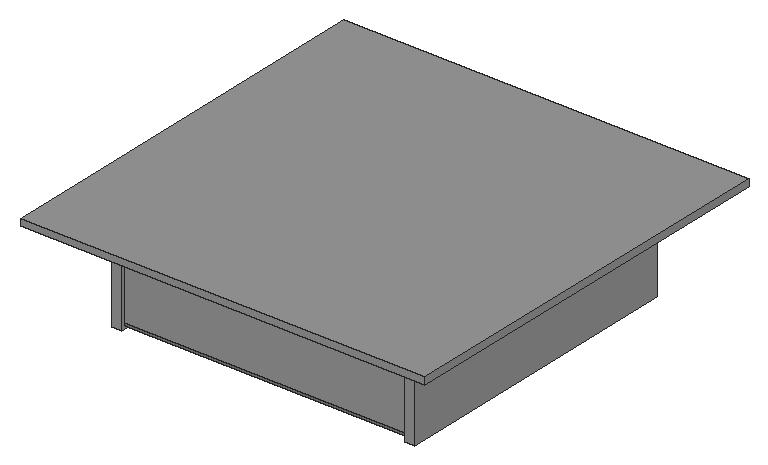
Revit family "Berica 2.0 M", category Lighting Fixtures, Revit 2020 (continued)
Definition of nested family "Light Source Berica 2.0"
  Types (4, lengths in mm): name | Photometric Web File | built-in parameter 1150142
      \r\n135.32 130.24 125.79 120.81 116.02 111.25 106.03 101.46 \r\n96.57 91.68 87.08 82.27 77.94 73.48 68.95 65.15 61.24 \r\n57.26 53.49 49.96 46.61 43.40 40.13 37.45 34.48 31.83 \r\n29.31 26.86 24.62 22.36 20.21 18.13 16.31 14.34 12.78 \r\n11.08 9.60 8.12 7.01 6.00 5.14 4.38 3.62 2.90 2.24 1.60 \r\n1.01 0.53 0.25 0.10 0.07 0.10 0.25 0.53 1.01 1.60 2.24 \r\n2.90 3.62 4.38 5.14 6.00 7.01 8.12 9.60 11.08 12.78 14.34 \r\n16.31 18.13 20.21 22.36 24.62 26.86 29.31 31.83 34.48 \r\n37.45 40.13 43.40 46.61 49.96 53.49 57.26 61.24 65.15 \r\n68.95 73.48 77.94 82.27 87.08 91.68 96.57 101.46 106.03 \r\n111.25 116.02 120.81 125.79 130.24 135.32 139.52 143.80 \r\n148.37 152.33 156.65 160.45 164.47 167.91 171.52 174.96 \r\n178.22 181.37 184.34 187.23 190.12 192.81 195.32 197.82 \r\n199.93 202.27 204.39 206.33 208.29 210.01 211.70 213.25 \r\n214.77 216.03 217.26 218.50 219.54 220.47 221.30 221.91 \r\n222.60 223.12 223.64 224.03 224.29 224.51 \r\n224.51 224.25 223.87 223.34 222.66 222.12 221.30 220.35 \r\n219.27 218.00 216.77 215.37 214.02 212.60 210.64 208.95 \r\n207.01 204.82 202.50 200.07 197.44 194.94 192.09 189.09 \r\n186.22 182.82 179.85 176.18 172.69 168.88 165.41 161.30 \r\n157.62 153.21 149.28 144.86 140.35 136.09 131.35 126.57 \r\n122.00 117.17 112.15 107.35 102.34 97.70 92.67 88.42 \r\n84.22 79.58 75.44 71.18 67.32 63.28 59.47 55.72 52.45 \r\n49.18 45.71 42.74 39.74 36.82 33.63 30.72 27.56 24.72 \r\n22.38 20.12 17.70 15.22 12.71 10.62 8.64 7.14 6.01 5.04 \r\n4.36 3.76 3.17 2.69 2.25 1.84 1.48 1.12 0.78 0.48 0.24 \r\n0.10 0.05 0.04 0.04 0.04 0.05 0.10 0.24 0.48 0.78 1.12 \r\n1.48 1.84 2.25 2.69 3.17 3.76 4.36 5.04 6.01 7.14 8.64 \r\n10.62 12.71 15.22 17.70 20.12 22.38 24.72 27.56 30.72 \r\n33.63 36.82 39.74 42.74 45.71 49.18 52.45 55.72 59.47 \r\n63.28 67.32 71.18 75.44 79.58 84.22 88.42 92.67 97.70 \r\n102.34 107.35 112.15 117.17 122.00 126.57 131.35 136.09 \r\n140.35 144.86 149.28 153.21 157.62 161.30 165.41 168.88 \r\n172.69 176.18 179.85 182.82 186.22 189.09 192.09 194.94 \r\n197.44 200.07 202.50 204.82 207.01 208.95 210.64 212.60 \r\n214.02 215.37 216.77 218.00 219.27 220.35 221.30 222.12 \r\n222.66 223.34 223.87 224.25 224.51 \r\n224.51 224.08 223.48 222.86 222.13 221.23 220.23 219.10 \r\n217.81 216.41 214.98 213.36 211.57 209.68 207.21 205.07 \r\n202.62 200.27 197.28 194.35 191.22 188.09 184.95 181.65 \r\n178.05 174.46 170.57 166.50 162.64 158.34 154.15 149.77 \r\n145.31 140.69 135.75 131.29 126.63 121.55 116.81 111.94 \r\n107.17 102.48 97.61 92.75 88.28 83.91 79.55 75.48 71.39 \r\n67.73 63.74 60.29 56.71 53.30 49.87 46.25 42.49 38.52 \r\n34.67 31.83 29.21 26.38 23.22 20.12 17.11 14.22 11.83 \r\n9.45 7.76 6.37 4.98 4.10 3.54 3.06 2.56 2.10 1.72 1.47 \r\n1.25 1.06 0.85 0.68 0.50 0.36 0.23 0.13 0.07 0.04 0.03 \r\n0.03 0.03 0.03 0.03 0.04 0.07 0.13 0.23 0.36 0.50 0.68 \r\n0.85 1.06 1.25 1.47 1.72 2.10 2.56 3.06 3.54 4.10 4.98 \r\n6.37 7.76 9.45 11.83 14.22 17.11 20.12 23.22 26.38 29.21 \r\n31.83 34.67 38.52 42.49 46.25 49.87 53.30 56.71 60.29 \r\n63.74 67.73 71.39 75.48 79.55 83.91 88.28 92.75 97.61 \r\n102.48 107.17 111.94 116.81 121.55 126.63 131.29 135.75 \r\n140.69 145.31 149.77 154.15 158.34 162.64 166.50 170.57 \r\n174.46 178.05 181.65 184.95 188.09 191.22 194.35 197.28 \r\n200.27 202.62 205.07 207.21 209.68 211.57 213.36 214.98 \r\n216.41 217.81 219.10 220.23 221.23 222.13 222.86 223.48 \r\n224.08 224.51 \r\n224.51 224.02 223.28 222.51 221.63 220.52 219.28 217.94 \r\n216.41 214.78 212.92 210.96 208.62 206.44 203.59 200.79 \r\n197.92 194.83 191.34 188.26 184.71 181.18 177.34 173.29 \r\n169.62 164.84 160.89 155.99 151.39 146.33 141.88 137.09 \r\n132.15 126.97 121.91 116.98 111.80 106.88 102.37 97.34 \r\n92.96 88.32 83.83 79.75 75.43 71.37 67.54 63.70 60.15 \r\n55.89 51.50 47.05 42.68 39.42 36.43 33.59 30.41 26.62 \r\n23.01 19.63 16.36 13.79 11.22 8.81 7.33 5.88 4.30 3.39 \r\n2.95 2.55 2.10 1.68 1.24 0.88 0.76 0.66 0.58 0.49 0.41 \r\n0.33 0.27 0.21 0.15 0.10 0.07 0.04 0.03 0.03 0.02 0.02 \r\n0.02 0.02 0.02 0.03 0.03 0.04 0.07 0.10 0.15 0.21 0.27 \r\n0.33 0.41 0.49 0.58 0.66 0.76 0.88 1.24 1.68 2.10 2.55 \r\n2.95 3.39 4.30 5.88 7.33 8.81 11.22 13.79 16.36 19.63 \r\n23.01 26.62 30.41 33.59 36.43 39.42 42.68 47.05 51.50 \r\n55.89 60.15 63.70 67.54 71.37 75.43 79.75 83.83 88.32 \r\n92.96 97.34 102.37 106.88 111.80 116.98 121.91 126.97 \r\n132.15 137.09 141.88 146.33 151.39 155.99 160.89 164.84 \r\n169.62 173.29 177.34 181.18 184.71 188.26 191.34 194.83 \r\n197.92 200.79 203.59 206.44 208.62 210.96 212.92 214.78 \r\n216.41 217.94 219.28 220.52 221.63 222.51 223.28 224.02 \r\n224.51 \r\n224.51 223.89 223.05 222.05 220.93 219.68 218.18 216.66 \r\n214.74 212.95 210.50 208.11 205.32 202.61 199.31 196.10 \r\n192.71 189.16 185.50 181.57 177.67 173.21 169.17 164.58 \r\n160.07 154.75 149.97 144.81 139.65 134.46 129.25 124.09 \r\n118.71 113.76 108.22 103.39 98.07 93.55 88.58 84.45 80.04 \r\n75.84 71.80 67.56 63.09 57.89 52.65 48.05 44.49 41.30 \r\n38.49 35.01 30.88 26.83 23.45 20.11 17.14 14.64 11.93 \r\n9.35 7.93 6.36 4.60 3.31 2.85 2.49 2.10 1.72 1.32 0.88 \r\n0.47 0.34 0.30 0.27 0.24 0.21 0.18 0.16 0.13 0.11 0.09 \r\n0.06 0.05 0.03 0.02 0.02 0.02 0.02 0.02 0.02 0.02 0.02 \r\n0.02 0.02 0.02 0.02 0.02 0.03 0.05 0.06 0.09 0.11 0.13 \r\n0.16 0.18 0.21 0.24 0.27 0.30 0.34 0.47 0.88 1.32 1.72 \r\n2.10 2.49 2.85 3.31 4.60 6.36 7.93 9.35 11.93 14.64 17.14 \r\n20.11 23.45 26.83 30.88 35.01 38.49 41.30 44.49 48.05 \r\n52.65 57.89 63.09 67.56 71.80 75.84 80.04 84.45 88.58 \r\n93.55 98.07 103.39 108.22 113.76 118.71 124.09 129.25 \r\n134.46 139.65 144.81 149.97 154.75 160.07 164.58 169.17 \r\n173.21 177.67 181.57 185.50 189.16 192.71 196.10 199.31 \r\n202.61 205.32 208.11 210.50 212.95 214.74 216.66 218.18 \r\n219.68 220.93 222.05 223.05 223.89 224.51 \r\n224.51 223.86 222.87 221.70 220.22 218.88 217.19 215.46 \r\n213.25 210.81 208.08 205.19 201.94 198.78 195.02 191.55 \r\n187.58 183.58 179.21 174.95 170.10 165.48 160.52 155.27 \r\n150.00 144.47 139.16 133.56 128.02 122.63 116.75 111.61 \r\n106.15 100.78 95.63 90.67 85.98 81.44 76.94 72.71 67.39 \r\n61.95 56.01 51.03 47.33 43.71 40.90 37.28 32.61 28.34 \r\n24.81 21.53 18.50 15.92 13.61 10.95 9.06 7.74 6.16 4.29 \r\n3.22 2.85 2.50 2.13 1.74 1.34 0.92 0.43 0.17 0.15 0.13 \r\n0.12 0.11 0.10 0.09 0.07 0.06 0.05 0.04 0.03 0.03 0.02 \r\n0.02 0.02 0.02 0.02 0.02 0.02 0.02 0.02 0.02 0.02 0.02 \r\n0.02 0.02 0.02 0.02 0.02 0.02 0.02 0.03 0.03 0.04 0.05 \r\n0.06 0.07 0.09 0.10 0.11 0.12 0.13 0.15 0.17 0.43 0.92 \r\n1.34 1.74 2.13 2.50 2.85 3.22 4.29 6.16 7.74 9.06 10.95 \r\n13.61 15.92 18.50 21.53 24.81 28.34 32.61 37.28 40.90 \r\n43.71 47.33 51.03 56.01 61.95 67.39 72.71 76.94 81.44 \r\n85.98 90.67 95.63 100.78 106.15 111.61 116.75 122.63 \r\n128.02 133.56 139.16 144.47 150.00 155.27 160.52 165.48 \r\n170.10 174.95 179.21 183.58 187.58 191.55 195.02 198.78 \r\n201.94 205.19 208.08 210.81 213.25 215.46 217.19 218.88 \r\n220.22 221.70 222.87 223.86 224.51 \r\n224.51 223.68 222.66 221.30 219.72 218.03 216.36 214.19 \r\n211.56 208.83 205.53 202.31 198.76 195.17 190.82 186.82 \r\n182.18 177.84 173.12 167.78 162.72 157.37 152.02 146.01 \r\n140.45 134.67 128.64 122.58 116.78 111.16 105.71 100.18 \r\n94.94 89.66 84.60 79.65 75.20 69.75 63.35 57.01 51.59 \r\n47.98 44.25 41.31 36.89 31.65 27.66 24.01 20.99 17.99 \r\n15.84 13.49 10.72 9.08 7.88 6.26 4.60 3.42 3.06 2.71 2.32 \r\n1.98 1.55 1.16 0.66 0.21 0.06 0.05 0.04 0.04 0.03 0.03 \r\n0.03 0.02 0.02 0.02 0.02 0.02 0.02 0.01 0.01 0.01 0.01 \r\n0.01 0.01 0.01 0.01 0.01 0.01 0.01 0.01 0.01 0.01 0.01 \r\n0.01 0.01 0.01 0.01 0.01 0.01 0.01 0.01 0.02 0.02 0.02 \r\n0.02 0.02 0.02 0.03 0.03 0.03 0.04 0.04 0.05 0.06 0.21 \r\n0.66 1.16 1.55 1.98 2.32 2.71 3.06 3.42 4.60 6.26 7.88 \r\n9.08 10.72 13.49 15.84 17.99 20.99 24.01 27.66 31.65 \r\n36.89 41.31 44.25 47.98 51.59 57.01 63.35 69.75 75.20 \r\n79.65 84.60 89.66 94.94 100.18 105.71 111.16 116.78 \r\n122.58 128.64 134.67 140.45 146.01 152.02 157.37 162.72 \r\n167.78 173.12 177.84 182.18 186.82 190.82 195.17 198.76 \r\n202.31 205.53 208.83 211.56 214.19 216.36 218.03 219.72 \r\n221.30 222.66 223.68 224.51 \r\n224.51 223.59 222.53 220.94 219.17 217.34 215.31 212.67 \r\n209.75 206.44 203.12 199.29 195.32 191.31 186.75 182.32 \r\n177.02 172.11 166.53 161.06 155.23 149.50 143.38 137.56 \r\n131.02 125.12 118.51 112.76 106.52 100.79 95.84 90.16 \r\n85.08 79.75 74.34 67.41 60.76 54.59 49.85 46.25 42.93 \r\n39.00 33.10 28.79 24.86 21.42 18.55 16.39 14.10 11.71 \r\n9.60 8.41 6.99 5.33 3.82 3.33 3.00 2.64 2.29 1.89 1.50 \r\n1.06 0.58 0.12 0.03 0.02 0.02 0.02 0.02 0.02 0.01 0.01 \r\n0.01 0.01 0.01 0.01 0.01 0.01 0.01 0.01 0.01 0.01 0.01 \r\n0.01 0.01 0.01 0.01 0.01 0.01 0.01 0.01 0.01 0.01 0.01 \r\n0.01 0.01 0.01 0.01 0.01 0.01 0.01 0.01 0.01 0.01 0.01 \r\n0.01 0.01 0.01 0.01 0.01 0.01 0.02 0.02 0.02 0.02 0.02 \r\n0.03 0.12 0.58 1.06 1.50 1.89 2.29 2.64 3.00 3.33 3.82 \r\n5.33 6.99 8.41 9.60 11.71 14.10 16.39 18.55 21.42 24.86 \r\n28.79 33.10 39.00 42.93 46.25 49.85 54.59 60.76 67.41 \r\n74.34 79.75 85.08 90.16 95.84 100.79 106.52 112.76 118.51 \r\n125.12 131.02 137.56 143.38 149.50 155.23 161.06 166.53 \r\n172.11 177.02 182.32 186.75 191.31 195.32 199.29 203.12 \r\n206.44 209.75 212.67 215.31 217.34 219.17 220.94 222.53 \r\n223.59 224.51 \r\n224.51 223.55 222.22 220.49 218.78 216.75 214.34 211.48 \r\n208.02 204.61 200.53 196.61 192.21 187.88 182.56 177.42 \r\n172.10 166.49 160.43 154.52 148.64 141.75 136.02 128.95 \r\n122.76 116.20 110.01 103.70 97.84 92.46 86.82 81.31 75.34 \r\n68.65 60.33 54.32 49.76 46.16 42.51 37.40 31.32 27.39 \r\n23.49 20.29 17.69 15.50 13.26 10.66 9.17 8.01 6.68 5.05 \r\n3.77 3.32 3.02 2.64 2.29 1.92 1.51 1.08 0.60 0.18 0.03 \r\n0.02 0.02 0.01 0.01 0.01 0.01 0.01 0.01 0.01 0.01 0.01 \r\n0.01 0.01 0.01 0.01 0.01 0.01 0.01 0.01 0.01 0.01 0.01 \r\n0.01 0.01 0.01 0.01 0.01 0.01 0.01 0.01 0.01 0.01 0.01 \r\n0.01 0.01 0.01 0.01 0.01 0.01 0.01 0.01 0.01 0.01 0.01 \r\n0.01 0.01 0.01 0.01 0.01 0.01 0.01 0.01 0.01 0.02 0.02 \r\n0.03 0.18 0.60 1.08 1.51 1.92 2.29 2.64 3.02 3.32 3.77 \r\n5.05 6.68 8.01 9.17 10.66 13.26 15.50 17.69 20.29 23.49 \r\n27.39 31.32 37.40 42.51 46.16 49.76 54.32 60.33 68.65 \r\n75.34 81.31 86.82 92.46 97.84 103.70 110.01 116.20 122.76 \r\n128.95 136.02 141.75 148.64 154.52 160.43 166.49 172.10 \r\n177.42 182.56 187.88 192.21 196.61 200.53 204.61 208.02 \r\n211.48 214.34 216.75 218.78 220.49 222.22 223.55 224.51 \r\n224.51 223.46 222.16 220.17 218.27 216.08 213.19 210.26 \r\n206.39 202.62 198.50 194.11 189.30 184.16 178.70 172.99 \r\n167.40 160.92 155.30 148.41 142.16 135.03 128.54 121.95 \r\n114.95 108.74 102.30 96.18 90.46 84.73 78.35 71.16 63.30 \r\n56.12 51.11 47.03 43.46 38.05 31.63 27.64 23.65 20.31 \r\n17.59 15.55 13.24 10.80 9.08 8.02 6.84 5.22 3.91 3.43 \r\n3.12 2.75 2.40 2.03 1.63 1.22 0.75 0.33 0.04 0.02 0.02 \r\n0.01 0.01 0.01 0.01 0.01 0.01 0.01 0.01 0.01 0.01 0.01 \r\n0.01 0.01 0.01 0.01 0.01 0.01 0.01 0.01 0.01 0.01 0.01 \r\n0.01 0.01 0.01 0.01 0.01 0.01 0.01 0.01 0.01 0.01 0.01 \r\n0.01 0.01 0.01 0.01 0.01 0.01 0.01 0.01 0.01 0.01 0.01 \r\n0.01 0.01 0.01 0.01 0.01 0.01 0.01 0.01 0.01 0.01 0.01 \r\n0.02 0.02 0.04 0.33 0.75 1.22 1.63 2.03 2.40 2.75 3.12 \r\n3.43 3.91 5.22 6.84 8.02 9.08 10.80 13.24 15.55 17.59 \r\n20.31 23.65 27.64 31.63 38.05 43.46 47.03 51.11 56.12 \r\n63.30 71.16 78.35 84.73 90.46 96.18 102.30 108.74 114.95 \r\n121.95 128.54 135.03 142.16 148.41 155.30 160.92 167.40 \r\n172.99 178.70 184.16 189.30 194.11 198.50 202.62 206.39 \r\n210.26 213.19 216.08 218.27 220.17 222.16 223.46 224.51 \r\n224.51 223.45 222.04 220.09 217.91 215.49 212.60 208.79 \r\n204.91 201.06 196.52 191.85 186.53 181.00 175.53 168.88 \r\n163.10 156.30 149.97 142.93 135.84 129.08 122.27 115.56 \r\n108.75 102.25 95.81 89.72 83.50 77.00 68.84 60.70 53.96 \r\n49.42 45.48 41.37 34.47 29.08 25.14 21.31 18.49 16.09 \r\n14.20 11.52 9.53 8.34 7.14 5.90 4.35 3.66 3.30 2.96 2.58 \r\n2.25 1.84 1.44 0.99 0.54 0.17 0.03 0.02 0.01 0.01 0.01 \r\n0.01 0.01 0.01 0.01 0.01 0.01 0.01 0.01 0.01 0.01 0.01 \r\n0.01 0.01 0.01 0.01 0.01 0.01 0.01 0.01 0.01 0.01 0.01 \r\n0.01 0.01 0.01 0.01 0.01 0.01 0.01 0.01 0.01 0.01 0.01 \r\n0.01 0.01 0.01 0.01 0.01 0.01 0.01 0.01 0.01 0.01 0.01 \r\n0.01 0.01 0.01 0.01 0.01 0.01 0.01 0.01 0.01 0.01 0.01 \r\n0.01 0.02 0.03 0.17 0.54 0.99 1.44 1.84 2.25 2.58 2.96 \r\n3.30 3.66 4.35 5.90 7.14 8.34 9.53 11.52 14.20 16.09 \r\n18.49 21.31 25.14 29.08 34.47 41.37 45.48 49.42 53.96 \r\n60.70 68.84 77.00 83.50 89.72 95.81 102.25 108.75 115.56 \r\n122.27 129.08 135.84 142.93 149.97 156.30 163.10 168.88 \r\n175.53 181.00 186.53 191.85 196.52 201.06 204.91 208.79 \r\n212.60 215.49 217.91 220.09 222.04 223.45 224.51 \r\n224.51 223.36 221.78 219.73 217.58 214.69 211.54 207.92 \r\n203.46 199.22 194.47 189.82 184.10 178.45 172.15 165.66 \r\n158.77 152.08 145.26 137.95 130.87 123.51 117.05 109.77 \r\n103.13 96.68 90.37 83.66 76.83 67.96 59.72 53.22 48.92 \r\n45.05 40.04 32.86 27.85 23.60 20.19 17.39 15.32 13.37 \r\n10.65 9.01 7.91 6.65 5.43 4.02 3.56 3.23 2.89 2.52 2.18 \r\n1.77 1.35 0.91 0.42 0.11 0.02 0.02 0.01 0.01 0.01 0.01 \r\n0.01 0.01 0.01 0.01 0.01 0.01 0.01 0.01 0.01 0.01 0.01 \r\n0.01 0.01 0.01 0.01 0.01 0.01 0.01 0.01 0.01 0.01 0.01 \r\n0.01 0.01 0.01 0.01 0.01 0.01 0.01 0.01 0.01 0.01 0.01 \r\n0.01 0.01 0.01 0.01 0.01 0.01 0.01 0.01 0.01 0.01 0.01 \r\n0.01 0.01 0.01 0.01 0.01 0.01 0.01 0.01 0.01 0.01 0.01 \r\n0.01 0.01 0.02 0.02 0.11 0.42 0.91 1.35 1.77 2.18 2.52 \r\n2.89 3.23 3.56 4.02 5.43 6.65 7.91 9.01 10.65 13.37 15.32 \r\n17.39 20.19 23.60 27.85 32.86 40.04 45.05 48.92 53.22 \r\n59.72 67.96 76.83 83.66 90.37 96.68 103.13 109.77 117.05 \r\n123.51 130.87 137.95 145.26 152.08 158.77 165.66 172.15 \r\n178.45 184.10 189.82 194.47 199.22 203.46 207.92 211.54 \r\n214.69 217.58 219.73 221.78 223.36 224.51 \r\n224.51 223.35 221.73 219.63 217.16 214.47 210.61 207.13 \r\n202.53 198.09 193.03 187.72 182.29 175.89 169.46 162.94 \r\n155.85 148.60 141.49 133.85 126.92 119.29 112.60 105.48 \r\n98.56 92.28 85.63 78.47 69.57 60.76 54.00 49.34 45.24 \r\n40.42 32.69 27.58 23.43 20.06 17.12 15.12 13.08 10.52 \r\n8.92 7.74 6.65 5.22 4.06 3.59 3.25 2.90 2.53 2.18 1.77 \r\n1.35 0.92 0.44 0.13 0.02 0.01 0.01 0.01 0.01 0.01 0.01 \r\n0.01 0.01 0.01 0.01 0.01 0.01 0.01 0.01 0.01 0.01 0.01 \r\n0.01 0.01 0.01 0.01 0.01 0.01 0.01 0.01 0.01 0.01 0.01 \r\n0.02 0.02 0.02 0.02 0.02 0.02 0.02 0.02 0.02 0.01 0.01 \r\n0.01 0.01 0.01 0.01 0.01 0.01 0.01 0.01 0.01 0.01 0.01 \r\n0.01 0.01 0.01 0.01 0.01 0.01 0.01 0.01 0.01 0.01 0.01 \r\n0.01 0.01 0.01 0.01 0.02 0.13 0.44 0.92 1.35 1.77 2.18 \r\n2.53 2.90 3.25 3.59 4.06 5.22 6.65 7.74 8.92 10.52 13.08 \r\n15.12 17.12 20.06 23.43 27.58 32.69 40.42 45.24 49.34 \r\n54.00 60.76 69.57 78.47 85.63 92.28 98.56 105.48 112.60 \r\n119.29 126.92 133.85 141.49 148.60 155.85 162.94 169.46 \r\n175.89 182.29 187.72 193.03 198.09 202.53 207.13 210.61 \r\n214.47 217.16 219.63 221.73 223.35 224.51 \r\n224.51 223.26 221.53 219.40 216.94 214.03 210.28 206.17 \r\n201.41 197.08 191.59 186.41 180.78 174.30 167.44 160.51 \r\n153.72 145.67 138.70 131.22 123.33 116.33 109.00 102.11 \r\n95.33 88.54 81.76 72.83 63.91 55.94 50.72 46.64 42.03 \r\n34.66 28.48 24.53 20.59 17.64 15.33 13.44 10.88 9.09 8.00 \r\n6.79 5.56 4.21 3.68 3.30 3.00 2.64 2.27 1.88 1.45 1.03 \r\n0.55 0.20 0.02 0.01 0.01 0.01 0.01 0.01 0.01 0.01 0.01 \r\n0.01 0.01 0.01 0.01 0.01 0.01 0.01 0.01 0.01 0.01 0.01 \r\n0.01 0.02 0.02 0.02 0.02 0.02 0.02 0.02 0.03 0.03 0.03 \r\n0.03 0.03 0.03 0.03 0.03 0.03 0.03 0.03 0.03 0.03 0.02 \r\n0.02 0.02 0.02 0.02 0.02 0.02 0.01 0.01 0.01 0.01 0.01 \r\n0.01 0.01 0.01 0.01 0.01 0.01 0.01 0.01 0.01 0.01 0.01 \r\n0.01 0.01 0.01 0.01 0.02 0.20 0.55 1.03 1.45 1.88 2.27 \r\n2.64 3.00 3.30 3.68 4.21 5.56 6.79 8.00 9.09 10.88 13.44 \r\n15.33 17.64 20.59 24.53 28.48 34.66 42.03 46.64 50.72 \r\n55.94 63.91 72.83 81.76 88.54 95.33 102.11 109.00 116.33 \r\n123.33 131.22 138.70 145.67 153.72 160.51 167.44 174.30 \r\n180.78 186.41 191.59 197.08 201.41 206.17 210.28 214.03 \r\n216.94 219.40 221.53 223.26 224.51 \r\n224.51 223.31 221.59 219.28 216.82 213.84 209.85 205.85 \r\n201.13 196.51 191.24 185.17 179.50 172.66 166.16 159.02 \r\n151.57 144.28 136.43 129.12 121.75 114.17 106.56 99.65 \r\n92.64 86.23 78.56 69.77 59.90 53.23 48.76 44.49 39.15 \r\n31.20 26.13 22.22 18.81 16.15 14.23 12.13 9.79 8.34 7.24 \r\n6.05 4.76 3.84 3.47 3.14 2.78 2.43 2.07 1.65 1.23 0.78 \r\n0.32 0.08 0.02 0.01 0.01 0.01 0.01 0.01 0.01 0.01 0.01 \r\n0.01 0.01 0.01 0.01 0.01 0.01 0.01 0.01 0.02 0.02 0.02 \r\n0.02 0.02 0.03 0.03 0.03 0.03 0.03 0.03 0.04 0.04 0.04 \r\n0.04 0.04 0.04 0.04 0.04 0.04 0.04 0.04 0.04 0.04 0.03 \r\n0.03 0.03 0.03 0.03 0.03 0.02 0.02 0.02 0.02 0.02
